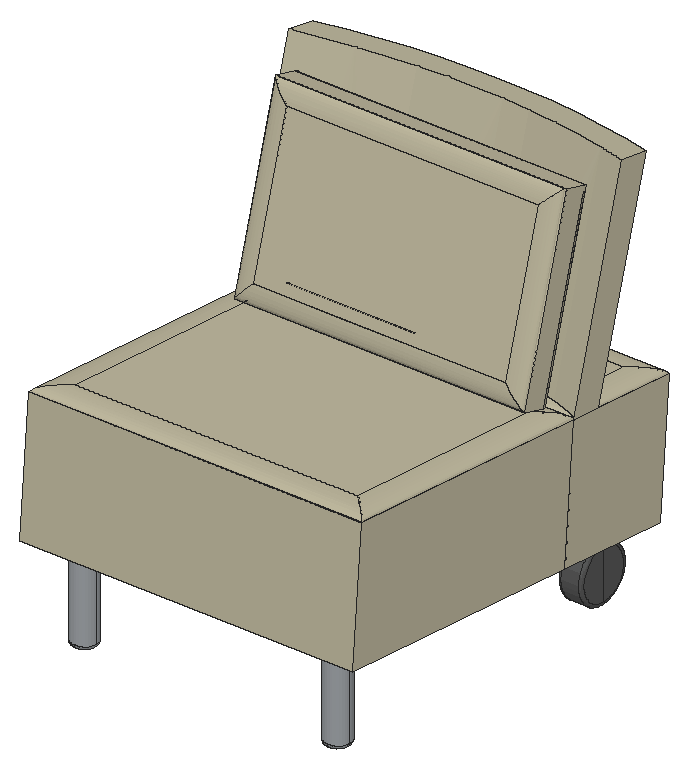
Revit family
Parameters
  Wheel [instance] = none
  URL = "http://www.martinbrattrud.com"
  SCS Certified Product = "Yes"
  Model = "Stonehenge 915-03"
  Manufacturer = "Martin Brattrud, Inc."
  Leg [instance] = none
  Keynote = "125000"
  Copyright = "© 2013 Martin Brattrud, Inc."
  Chair [instance] = none
  Back Cushion [instance] = none
  Authoring Version = "Revit Architecture 2010"
  Assembly Code = "E2020200"
Reference planes (in)
  plane 1 "Center Front/Back": y = 0
  plane 2: z = 0
  plane 3 "Center Left/Right": x = 0
  plane 4: z = 0
Forms (in)
  Extrusion 1, solid, material <- "Chair"
    sketch origin (0, 0.52946, 5.84845) x (0, -0.995927, 0.090161) y (-1, 0, 0)
      loop
        line (-14.83695, -13.47209) -> (-5.2106, -13.47209) -> (-5.2106, 13.47209) -> (-14.83695, 13.47209) -> (-14.83695, -13.47209)
    from -10.4513 to -0.00014
  Extrusion 2, solid, material <- "Chair"
    sketch origin (0, 10.90822, 4.90887) x (0, 0.995927, -0.090161) y (1, 0, 0)
      loop
        line (-26.7106, 13.47209) -> (-26.7106, -13.47209) -> (-5.2106, -13.47209) -> (-5.2106, 13.47209) -> (-26.7106, 13.47209)
    from -10.4513 to 0.00024
  Sweep 3, solid, material <- "Chair"
    path in 3D
      loop
        line (13.47209, -14.7513, 17.72585) -> (13.47209, 6.66113, 15.7874) -> (-13.47209, 6.66113, 15.7874) -> (-13.47209, -14.7513, 17.72585) -> (13.47209, -14.7513, 17.72585)
    profile origin (0, -14.7513, 17.72585) x (0, 0.995927, -0.090161) y (0, 0.090161, 0.995927)
      loop
        line (2.03125, 0) -> (2.03125, 0.52839)
        spline (2.03125, 0.52839) -> (1.7702, 0.52387) -> (1.51361, 0.51039) -> (1.26588, 0.48817) -> (1.03125, 0.4576) -> (0.81373, 0.4192) -> (0.61704, 0.37363) -> (0.44454, 0.32166) -> (0.2992, 0.2642) -> (0.18349, 0.20221) -> (0.0994, 0.13676) -> (0.04836, 0.06897) -> (0.03125, 0)
        line (0.03125, 0) -> (2.03125, 0)
  Extrusion 4, solid, material <- "Chair"
    sketch origin (0, 0, 0) x (0, 1, 0) y (0, 0, 1)
      loop
        line (4.68579, 16.49677) -> (-12.68069, 18.06895) -> (-12.72833, 17.54271) -> (4.63815, 15.97053) -> (4.68579, 16.49677)
    from -11.44084 to 11.44084
  Sweep 5, solid, material <- "Chair"
    path in 3D
      loop
        line (-13.47209, 16.24828, 14.91948) -> (-13.47209, 6.66113, 15.7874) -> (13.47209, 6.66113, 15.7874) -> (13.47209, 16.24828, 14.91948) -> (-13.47209, 16.24828, 14.91948)
    profile origin (0, 16.24828, 14.91948) x (0, -0.995927, 0.090161) y (0, 0.090161, 0.995927)
      loop
        line (2.03125, 0) -> (2.03125, 0.45358)
        spline (2.03125, 0.45358) -> (1.7702, 0.4497) -> (1.51361, 0.43812) -> (1.26588, 0.41905) -> (1.03125, 0.39281) -> (0.81373, 0.35985) -> (0.61704, 0.32073) -> (0.44454, 0.27612) -> (0.2992, 0.22679) -> (0.18349, 0.17358) -> (0.0994, 0.11739) -> (0.04836, 0.0592) -> (0.03125, 0)
        line (0.03125, 0) -> (2.03125, 0)
  Extrusion 6, solid, material <- "Chair"
    sketch origin (0, 0, 0) x (0, 1, 0) y (0, 0, 1)
      loop
        line (9.98768, 30.76355) -> (8.06607, 31.31925) -> (3.89659, 16.90046) -> (5.81732, 16.34476) -> (9.98768, 30.76355)
    from -11.75 to 11.75
  Sweep 7, solid, material <- "Chair"
    path in 3D
      loop
        line (-11.75, 8.06607, 31.31925) -> (-11.75, 3.89659, 16.90046) -> (11.75, 3.89659, 16.90046) -> (11.75, 8.06607, 31.31925) -> (-11.75, 8.06607, 31.31925)
    profile origin (0, 8.06607, 31.31925) x (0, -0.277789, -0.960642) y (0, -0.960642, 0.277789)
      loop
        line (0.03125, 0) -> (1.53125, 0) -> (1.53125, 0.46962)
        spline (1.53125, 0.46962) -> (1.33546, 0.4656) -> (1.14302, 0.45362) -> (0.95722, 0.43387) -> (0.78125, 0.4067) -> (0.61811, 0.37258) -> (0.47059, 0.33207) -> (0.34122, 0.28589) -> (0.23221, 0.23481) -> (0.14543, 0.17972) -> (0.08236, 0.12155) -> (0.04408, 0.0613) -> (0.03125, 0)
  Extrusion 8, solid, material <- "Chair"
    sketch origin (0, 0, 0) x (0, 1, 0) y (0, 0, 1)
      loop
        line (7.64071, 29.84827) -> (7.18957, 29.97873) -> (3.87082, 18.5019) -> (4.32195, 18.37145) -> (7.64071, 29.84827)
    from -10.21875 to 10.21875
  Extrusion 9, solid, material <- "Back Cushion"
    sketch origin (0, 9.59309, 33.0573) x (0, -0.960379, 0.278698) y (-1, 0, 0)
      loop
        line (-4.43095, -13.47209) -> (-2.03001, -13.47209)
        spline (-2.03001, -13.47209) -> (-2.63308, -11.28001) -> (-3.12847, -9.05886) -> (-3.51491, -6.8144) -> (-3.79139, -4.55239) -> (-3.9572, -2.27868) -> (-4.01191, 0.00086) -> (-3.95539, 2.28035) -> (-3.78777, 4.55391) -> (-3.50949, 6.81568) -> (-3.12128, 9.05981) -> (-2.62412, 11.28053) -> (-2.01931, 13.47209)
        line (-2.01931, 13.47209) -> (-4.42025, 13.47209)
        spline (-4.42025, 13.47209) -> (-5.02507, 11.28053) -> (-5.52222, 9.05981) -> (-5.91044, 6.81568) -> (-6.18872, 4.55391) -> (-6.35633, 2.28035) -> (-6.41286, 0.00086) -> (-6.35814, -2.27868) -> (-6.19233, -4.55239) -> (-5.91585, -6.8144) -> (-5.52942, -9.05886) -> (-5.03403, -11.28001) -> (-4.43095, -13.47209)
    from -2.42207 to 17.57683
  Extrusion 10, void
    sketch origin (0, 0, 0) x (0, 1, 0) y (0, 0, 1)
      loop
        line (16.47346, 31.64061) -> (16.894, 34.06774) -> (11.72108, 34.96404) -> (11.30054, 32.5369) -> (16.47346, 31.64061)
      loop
        line (6.40792, 15.81305) -> (6.22512, 13.81373) -> (12.28534, 13.25965) -> (12.46814, 15.25896) -> (6.40792, 15.81305)
    from -15.22442 to 15.21518
  Extrusion 11, solid, material <- "Leg"
    sketch origin (0, 0, 0) x (1, 0, 0) y (0, 1, 0)
      loop
        circle (-10.25, -13.20254) r 1
      loop
        circle (10.25, -13.20254) r 1
    from 0.25 to 7.25
  Revolve 12, solid, material <- "Leg"
    sketch origin (-10.25, 0, 0) x (0, 1, 0) y (0, 0, 1)
      loop
        line (-12.20254, 0.25) -> (-13.20254, 0.25) -> (-13.20254, 0) -> (-12.45254, 0)
        arc (-12.45254, 0) -> (-12.27577, 0.07322) -> (-12.20254, 0.25) r 0.25
      axis (-13.20254, 0) -> (-13.20254, 0.25)
    angle from 0 to 360
  Revolve 13, solid, material <- "Leg"
    sketch origin (10.25, 0, 0) x (0, 1, 0) y (0, 0, -1)
      loop
        arc (-12.20254, -0.25) -> (-12.27577, -0.07322) -> (-12.45254, 0) r 0.25
        line (-12.45254, 0) -> (-13.20254, 0) -> (-13.20254, -0.25) -> (-12.20254, -0.25)
      axis (-13.20254, 0) -> (-13.20254, -0.25)
    angle from 0 to 360
  Sweep 14, solid, material <- "Chair"
    path in 3D
      loop
        line (11.44084, 8.725, 16.05599) -> (11.44084, 8.68411, 15.60426)
    profile origin (11.44084, 8.70456, 15.83012) x (0, -0.995927, 0.090161) y (-1, 0, 0)
      loop
        line (0, 22.88167) -> (-5.56385, 22.88167) -> (-5.56385, 0) -> (0, 0) -> (0, 22.88167)
  Sweep 15, solid, material <- "Chair"
    path in 3D
      loop
        line (-10.21875, 7.18957, 29.97873) -> (-10.21875, 7.64071, 29.84827)
    profile origin (-10.21875, 7.41514, 29.9135) x (0, -0.277789, -0.960642) y (-1, 0, 0)
      loop
        line (0, 0) -> (0, -20.4375) -> (11.94703, -20.4375) -> (11.94703, 0) -> (0, 0)
  Sweep 16, solid, material <- "Chair"
    path in 3D
      loop
        line (-11.75, 9.98768, 30.76355) -> (-11.75, 5.81771, 16.3449) -> (11.75, 5.81771, 16.3449) -> (11.75, 9.98768, 30.76355) -> (-11.75, 9.98768, 30.76355)
    profile origin (0, 9.98768, 30.76355) x (0, 0.277821, 0.960633) y (0, 0.960633, -0.277821)
      loop
        spline (-0.03125, 0) -> (-0.04408, 0.0613) -> (-0.08236, 0.12155) -> (-0.14543, 0.17972) -> (-0.23221, 0.23481) -> (-0.34122, 0.28589) -> (-0.47059, 0.33207) -> (-0.61811, 0.37258) -> (-0.78125, 0.4067) -> (-0.95722, 0.43387) -> (-1.14302, 0.45362) -> (-1.33546, 0.4656) -> (-1.53125, 0.46962)
        line (-1.53125, 0.46962) -> (-1.53125, 0) -> (-0.03125, 0)
  Extrusion 17, solid, material <- "Chair"
    sketch origin (0, 0.0924, -0.02672) x (0, -0.845649, 0.53374) y (0, -0.53374, -0.845649)
      loop
        line (7.64071, -29.84827) -> (4.32195, -18.37145) -> (3.87082, -18.5019) -> (7.18957, -29.97873) -> (7.64071, -29.84827)
    from -10.21875 to 10.21875
  Sweep 18, solid, material <- "Chair"
    path in 3D
      loop
        line (-10.21875, 9.56227, 29.29258) -> (-10.21875, 10.0134, 29.16211)
    profile origin (-10.21875, 9.78783, 29.22734) x (0, -0.277821, -0.960633) y (-1, 0, 0)
      loop
        line (0, 0) -> (0, -20.4375) -> (11.94703, -20.4375) -> (11.94703, 0) -> (0, 0)
  Revolve 19, solid, material <- "Wheel"
    sketch origin (0, 11.03237, 0) x (1, 0, 0) y (0, 0, 1)
      loop
        line (-12.15199, 0) -> (-10.72801, 0)
        arc (-10.72801, 0) -> (-10.55123, 0.07322) -> (-10.47801, 0.25) r 0.25
        line (-10.47801, 0.25) -> (-10.47801, 2.25544) -> (-12.40199, 2.25544) -> (-12.40199, 0.25)
        arc (-12.40199, 0.25) -> (-12.32877, 0.07322) -> (-12.15199, 0) r 0.25
      axis (-12.40199, 2.25544) -> (-10.47801, 2.25544)
    angle from 0 to 360
  Extrusion 20, solid, material <- "Wheel"
    sketch origin (-0.05844, -103.69026, 4.40006) x (0.99232, 0.1237, 0) y (-0.1237, 0.99232, 0)
      loop
        circle (2.90427, 115.22304) r 0.25
    from -0.24885 to 0.5
  Revolve 21, solid, material <- "Wheel"
    sketch origin (0, 11.03237, 0) x (-1, 0, 0) y (0, 0, -1)
      loop
        arc (-12.15199, 0) -> (-12.32877, -0.07322) -> (-12.40199, -0.25) r 0.25
        line (-12.40199, -0.25) -> (-12.40199, -2.25544) -> (-10.47801, -2.25544) -> (-10.47801, -0.25)
        arc (-10.47801, -0.25) -> (-10.55123, -0.07322) -> (-10.72801, 0) r 0.25
        line (-10.72801, 0) -> (-12.15199, 0)
      axis (-12.40199, -2.25544) -> (-10.47801, -2.25544)
    angle from 0 to 360
  Extrusion 22, solid, material <- "Wheel"
    sketch origin (0.05844, -103.69026, 4.40006) x (0.99232, -0.1237, 0) y (0.1237, 0.99232, 0)
      loop
        circle (-2.90427, 115.22304) r 0.25
    from -0.24885 to 0.5
Cuts and joins
  Extrusion 10 cuts Extrusion 9
  joined: Sweep 7, Extrusion 8, Sweep 15
  joined: Sweep 16, Extrusion 17, Sweep 18
  joined: Sweep 5, Sweep 14
  joined: Sweep 3, Extrusion 4
Lines and regions (in)
  sketch lines
    curve 1: line (-13.47209, -14.7513, 17.72585) -> (13.47209, -14.7513, 17.72585)
    curve 2: line (-13.47209, 6.66113, 15.7874) -> (-13.47209, -14.7513, 17.72585)
    curve 3: line (13.47209, 6.66113, 15.7874) -> (-13.47209, 6.66113, 15.7874)
    curve 4: line (13.47209, -14.7513, 17.72585) -> (13.47209, 6.66113, 15.7874)
    curve 5: line (11.75, 8.06607, 31.31925) -> (-11.75, 8.06607, 31.31925)
    curve 6: line (-11.75, 3.89659, 16.90046) -> (-11.75, 8.06607, 31.31925)
    curve 7: line (11.75, 3.89659, 16.90046) -> (-11.75, 3.89659, 16.90046)
    curve 8: line (11.75, 8.06607, 31.31925) -> (11.75, 3.89659, 16.90046)
    curve 9: line (13.47209, 16.24828, 14.91948) -> (-13.47209, 16.24828, 14.91948)
    curve 10: line (13.47209, 6.66113, 15.7874) -> (13.47209, 16.24828, 14.91948)
    curve 11: line (-13.47209, 6.66113, 15.7874) -> (13.47209, 6.66113, 15.7874)
    curve 12: line (-13.47209, 16.24828, 14.91948) -> (-13.47209, 6.66113, 15.7874)
    curve 13: line (-10.21875, 7.18957, 29.97873) -> (-10.21875, 7.64071, 29.84827)
    curve 14: line (11.75, 9.98768, 30.76355) -> (-11.75, 9.98768, 30.76355)
    curve 15: line (-11.75, 5.81771, 16.3449) -> (-11.75, 9.98768, 30.76355)
    curve 16: line (11.75, 5.81771, 16.3449) -> (-11.75, 5.81771, 16.3449)
    curve 17: line (11.75, 9.98768, 30.76355) -> (11.75, 5.81771, 16.3449)
    curve 18: line (-10.21875, 9.56227, 29.29258) -> (-10.21875, 10.0134, 29.16211)
    curve 19: line (11.44084, 8.725, 16.05599) -> (11.44084, 8.68411, 15.60426)
